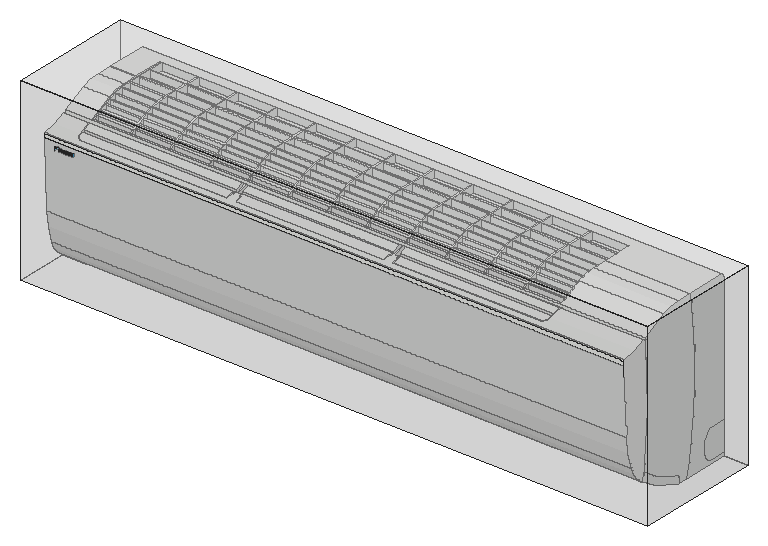
Revit family "outputfile", category 機械設備, Revit 2024
Family settings
  丸型コネクタ寸法 = 半径を使用
  パーツ タイプ = 標準
  OmniClass 番号 = 23.75.10.24.21.27.27
  OmniClass タイトル = Split System Air Conditioning Units
  作業面ベース = いいえ
  常に垂直 = はい
  ロード時にボイドで切り取り = いいえ
  注釈の向きを維持 = いいえ
  共有 = いいえ
  部屋計算ポイント = いいえ
Parameters (values of type "FTXM85PAVMA")
  Description = ""
  書き出し IFC クラス(タイプ) = "IfcUnitaryEquipmentType"
  定義済み IFC タイプ(タイプ) = "AIRCONDITIONINGUNIT"
  Cost = 0
  Type Comments = ""
  Keynote = ""
  Type Image = (empty or 0)
  Assembly Code = ""
  w_wall hole = if(Width = 770.0 mm, 48.0 mm, if(Width = 990.0 mm, 60.0 mm, 89.0 mm))  # 89.0 mm
  製造元 = "Daikin"
  モデル = "FTXM85PAVMA"
  switch_frequency = yes
  r_Liquid Pipe Size = Liquid Pipe Size / 2  # 3.2 mm
  r_Gas Pipe Size = Gas Pipe Size / 2  # 7.95 mm
  r_Drain Pipe Size = Drain Pipe Size / 2  # 8.0 mm
  lw_powersupply [instance] = if(Width = 770.0 mm, if(or(Rear Right Connection_refrigerant, Bottom Right Connection_refrigerant), 25.0 mm, if(or(Rear Left Connection_refrigerant, Bottom Left Connection_refrigerant), 745.0 mm, 400.0 mm)), if(Width = 990.0 mm, if(or(Rear Right Connection_refrigerant, Bottom Right Connection_refrigerant), 40.0 mm, if(or(Rear Left Connection_refrigerant, Bottom Left Connection_refrigerant), 920.0 mm, 400.0 mm)), if(Width = 1200.0 mm, if(or(Rear Right Connection_refrigerant, Bottom Right Connection_refrigerant), 89.0 mm - 19.0 mm, if(or(Rear Left Connection_refrigerant, Bottom Left Connection_refrigerant), 675.0 mm + (990.0 mm - 770.0 mm) + 145.0 mm + 22.0 mm + 89.0 mm, 400.0 mm)), if(or(Rear Right Connection_refrigerant, Bottom Right Connection_refrigerant), 89.0 mm - 19.0 mm, if(or(Rear Left Connection_refrigerant, Bottom Left Connection_refrigerant), 675.0 mm + (990.0 mm - 770.0 mm) + 145.0 mm + 22.0 mm + 89.0 mm, 400.0 mm)))))  # 400.0 mm
  lw_liquidpipe [instance] = if(Width = 770.0 mm, if(or(Rear Right Connection_refrigerant, Bottom Right Connection_refrigerant), 0.0 mm, if(or(Rear Left Connection_refrigerant, Bottom Left Connection_refrigerant), 664.0 mm, 385.0 mm)), if(Width = 990.0 mm, if(or(Rear Right Connection_refrigerant, Bottom Right Connection_refrigerant), 0.0 mm, if(or(Rear Left Connection_refrigerant, Bottom Left Connection_refrigerant), 664.0 mm + (990.0 mm - 770.0 mm), 475.0 mm)), if(Width = 1200.0 mm, if(or(Rear Right Connection_refrigerant, Bottom Right Connection_refrigerant), 0.0 mm, if(or(Rear Left Connection_refrigerant, Bottom Left Connection_refrigerant), 664.0 mm + (990.0 mm - 770.0 mm) + 145.0 mm, 460.0 mm)), if(or(Rear Right Connection_refrigerant, Bottom Right Connection_refrigerant), 0.0 mm, if(or(Rear Left Connection_refrigerant, Bottom Left Connection_refrigerant), 664.0 mm + (990.0 mm - 770.0 mm) + 145.0 mm, 460.0 mm)))))  # 460.0 mm
  lw_gaspipe [instance] = if(Width = 770.0 mm, if(or(Rear Right Connection_refrigerant, Bottom Right Connection_refrigerant), 0.0 mm, if(or(Rear Left Connection_refrigerant, Bottom Left Connection_refrigerant), 675.0 mm, if(Gas Pipe Size = 12.7 mm, 345.0 mm, 335.0 mm))), if(Width = 990.0 mm, if(or(Rear Right Connection_refrigerant, Bottom Right Connection_refrigerant), 10.0 mm, if(or(Rear Left Connection_refrigerant, Bottom Left Connection_refrigerant), 890.0 mm, if(Gas Pipe Size = 15.9 mm, 410.0 mm, 400.0 mm))), if(Width = 1200.0 mm, if(or(Rear Right Connection_refrigerant, Bottom Right Connection_refrigerant), 10.0 mm, if(or(Rear Left Connection_refrigerant, Bottom Left Connection_refrigerant), 675.0 mm + (990.0 mm - 770.0 mm) + 145.0 mm, 400.0 mm)), if(or(Rear Right Connection_refrigerant, Bottom Right Connection_refrigerant), 10.0 mm, if(or(Rear Left Connection_refrigerant, Bottom Left Connection_refrigerant), 675.0 mm + (990.0 mm - 770.0 mm) + 145.0 mm, 400.0 mm)))))  # 400.0 mm
  lw_drainpipe [instance] = if(Width = 770.0 mm, if(or(Rear Right Connection_refrigerant, Bottom Right Connection_refrigerant), 0.0 mm, if(or(Rear Left Connection_refrigerant, Bottom Left Connection_refrigerant), 770.0 mm - 48.0 mm - 48.0 mm, 440.0 mm)), if(Width = 990.0 mm, if(or(Rear Right Connection_refrigerant, Bottom Right Connection_refrigerant), 0.0 mm, if(or(Rear Left Connection_refrigerant, Bottom Left Connection_refrigerant), 675.0 mm + (990.0 mm - 770.0 mm), 435.0 mm)), if(Width = 1200.0 mm, if(or(Rear Right Connection_refrigerant, Bottom Right Connection_refrigerant), 0.0 mm, if(or(Rear Left Connection_refrigerant, Bottom Left Connection_refrigerant), 675.0 mm + (990.0 mm - 770.0 mm) + 145.0 mm, 465.0 mm)), if(or(Rear Right Connection_refrigerant, Bottom Right Connection_refrigerant), 0.0 mm, if(or(Rear Left Connection_refrigerant, Bottom Left Connection_refrigerant), 675.0 mm + (990.0 mm - 770.0 mm) + 145.0 mm, 465.0 mm)))))  # 465.0 mm
  l_powersupply_length [instance] = if(Width = 770.0 mm, if(Right Connection_refrigerant, 400.0 mm, if(Left Connection_refrigerant, 770.0 mm - 400.0 mm, if(or(Rear Left Connection_refrigerant, Rear Right Connection_refrigerant), 15.0 mm, 50.0 mm))), if(Width = 990.0 mm, if(Right Connection_refrigerant, 400.0 mm, if(Left Connection_refrigerant, 990.0 mm - 400.0 mm, if(or(Rear Left Connection_refrigerant, Rear Right Connection_refrigerant), 15.0 mm, 50.0 mm))), if(Width = 1200.0 mm, if(Right Connection_refrigerant, 400.0 mm, if(Left Connection_refrigerant, 1200.0 mm - 400.0 mm, if(or(Rear Left Connection_refrigerant, Rear Right Connection_refrigerant), 15.0 mm, 50.0 mm))), if(Right Connection_refrigerant, 400.0 mm, if(Left Connection_refrigerant, 1200.0 mm - 400.0 mm, if(or(Rear Left Connection_refrigerant, Rear Right Connection_refrigerant), 15.0 mm, 50.0 mm))))))  # 400.0 mm
  l_liquidpipe_length [instance] = if(Width = 770.0 mm, if(Right Connection_refrigerant, 433.0 mm, if(Left Connection_refrigerant, 337.0 mm, if(or(Rear Left Connection_refrigerant, Rear Right Connection_refrigerant), 30.0 mm, 40.0 mm))), if(Width = 990.0 mm, if(Right Connection_refrigerant, 535.0 mm, if(Left Connection_refrigerant, 455.0 mm, if(or(Rear Left Connection_refrigerant, Rear Right Connection_refrigerant), 30.0 mm, 40.0 mm))), if(Width = 1200.0 mm, if(Right Connection_refrigerant, 549.0 mm, if(Left Connection_refrigerant, 1200.0 mm - 549.0 mm, if(or(Rear Left Connection_refrigerant, Rear Right Connection_refrigerant), 30.0 mm, 40.0 mm))), if(Right Connection_refrigerant, 549.0 mm, if(Left Connection_refrigerant, 1200.0 mm - 549.0 mm, if(or(Rear Left Connection_refrigerant, Rear Right Connection_refrigerant), 30.0 mm, 40.0 mm))))))  # 549.0 mm
  l_gaspipe_length [instance] = if(Width = 770.0 mm, if(Right Connection_refrigerant, if(Gas Pipe Size = 12.7 mm, 393.0 mm, 383.0 mm), if(Left Connection_refrigerant, if(Gas Pipe Size = 12.7 mm, 770.0 mm - 393.0 mm, 770.0 mm - 383.0 mm), if(or(Rear Left Connection_refrigerant, Rear Right Connection_refrigerant), 40.0 mm, 50.0 mm))), if(Width = 990.0 mm, if(Right Connection_refrigerant, if(Gas Pipe Size = 15.9 mm, 470.0 mm, 460.0 mm), if(Left Connection_refrigerant, if(Gas Pipe Size = 15.9 mm, 990.0 mm - 470.0 mm, 990.0 mm - 460.0 mm), if(or(Rear Left Connection_refrigerant, Rear Right Connection_refrigerant), 40.0 mm, 50.0 mm))), if(Width = 1200.0 mm, if(Right Connection_refrigerant, 489.0 mm, if(Left Connection_refrigerant, 1200.0 mm - 489.0 mm, if(or(Rear Left Connection_refrigerant, Rear Right Connection_refrigerant), 40.0 mm, 50.0 mm))), if(Right Connection_refrigerant, 489.0 mm, if(Left Connection_refrigerant, 1200.0 mm - 489.0 mm, if(or(Rear Left Connection_refrigerant, Rear Right Connection_refrigerant), 40.0 mm, 50.0 mm))))))  # 489.0 mm
  l_drainpipe_length [instance] = if(Width = 770.0 mm, if(Right Connection_refrigerant, 488.0 mm, if(Left Connection_refrigerant, 282.0 mm, if(or(Rear Left Connection_refrigerant, Rear Right Connection_refrigerant), 15.0 mm, 20.0 mm))), if(Width = 990.0 mm, if(Right Connection_refrigerant, 495.0 mm, if(Left Connection_refrigerant, 495.0 mm, if(or(Rear Left Connection_refrigerant, Rear Right Connection_refrigerant), 15.0 mm, 20.0 mm))), if(Width = 1200.0 mm, if(Right Connection_refrigerant, 554.0 mm, if(Left Connection_refrigerant, 1200.0 mm - 554.0 mm, if(or(Rear Left Connection_refrigerant, Rear Right Connection_refrigerant), 15.0 mm, 20.0 mm))), if(Right Connection_refrigerant, 554.0 mm, if(Left Connection_refrigerant, 1200.0 mm - 554.0 mm, if(or(Rear Left Connection_refrigerant, Rear Right Connection_refrigerant), 15.0 mm, 20.0 mm))))))  # 554.0 mm
  h*** = 0.0 mm  # constant formula
  connector_voltage = Voltage_50Hz  # 230 V
  connector_powerinput = if([Power Input (Cooling)] > [Power Input (Heating)], [Power Input (Cooling)], [Power Input (Heating)])  # 2.520 kW
  connector_phase = Phase_50Hz  # 1
  angle_vertical [instance] = if(or(Bottom Left Connection_refrigerant, Bottom Right Connection_refrigerant), 0.00°, 90.00°)  # 90.00°
  angle_horizontal [instance] = if(Right Connection_refrigerant, 90.00°, if(Left Connection_refrigerant, -90.00°, if(or(Rear Left Connection_refrigerant, Rear Right Connection_refrigerant), 180.00°, 0.00°)))  # 90.00°
  Width = 1200.0 mm
  Voltage_comment_60Hz = "220-230"
  Voltage_comment_50Hz = "220 - 240"
  Voltage_60Hz = 220 V
  Voltage_50Hz = 230 V
  Version = "ver.1.0"
  Unit Type = "Wall Mounted"
  Unit Mass Weight = 17.00 kg
  Unit Designation [instance] = ""
  Uniclass2015Version = "Products v1.30"
  Uniclass2015Title = "Split coil room air conditioning units"
  Uniclass2015Code = "Pr_70_65_03_86"
  URL = ""
  Total Heating Capacity [instance] = 0.000 kW
  Total Cooling Capacity [instance] = 0.000 kW
  Sound Pressure Level_M speed (dBA) = 47
  Sound Pressure Level_L speed (dBA) = 41
  Sound Pressure Level_H speed (dBA) = 51
  Sound Power Level_H speed (dB) = 0
  Series = "Single Split_Fan Coil Unit"
  Sensible Cooling Capacity [instance] = 0.000 kW
  Refrigerant Type = "R32"
  Power Input (Heating) = 2.520 kW
  Power Input (Cooling) = 2.520 kW
  Phase_60Hz = 1
  Phase_50Hz = 1
  Option Accessory 3 [instance] = ""
  Option Accessory 2 [instance] = ""
  Option Accessory 1 [instance] = ""
  Nominal Heating Capacity = 8.500 kW
  Nominal Cooling Capacity = 8.500 kW
  Minimum Circuit Amps_60Hz = 0.0 A
  Minimum Circuit Amps_50Hz = 0.0 A
  Minimum Airflow = 936.00 m³/h
  Median Airflow = 1116.00 m³/h
  Maximum Fuse Amps_60Hz = 0.0 A
  Maximum Fuse Amps_50Hz = 0.0 A
  Maximum Airflow = 1296.00 m³/h
  Material_Casing = DAIKIN_White_Casing_indoorunit
  Load Classification = HVAC
  Liquid Pipe Size = 6.4 mm
  Link_Nested Family [instance] = ""
  IfcVersion = ""
  IfcExportType = "AIRCONDITIONINGUNIT"
  IfcExportAs = "IfcUnitaryEquipmentType"
  Height = 340.0 mm
  Heating Entering Wet Bulb Temperature [instance] = 0.00 °C
  Heating Entering Dry Bulb Temperature [instance] = 0.00 °C
  Heating Ambient Wet Bulb Temperature [instance] = 0.00 °C
  Heating Ambient Dry Bulb Temperature [instance] = 0.00 °C
  Heat Exchanger Type = "Cross Fin Coil"
  Gas Pipe Size = 15.9 mm
  Frequency_60Hz = 60 Hz
  Frequency_50Hz = 50 Hz
  Fan Type = "Cross Flow Fan"
  Fan Drive = "-"
  FCU Tag No. [instance] = ""
  Drain Pipe Size = 16.0 mm
  Design Supply Airflow [instance] = 0.00 m³/h
  Depth = 259.0 mm
  既定の高さ = 0.0 mm
  Cooling Entering Wet Bulb Temperature [instance] = 0.00 °C
  Cooling Entering Dry Bulb Temperature [instance] = 0.00 °C
  Cooling Ambient Wet Bulb Temperature [instance] = 0.00 °C
  Cooling Ambient Dry Bulb Temperature [instance] = 0.00 °C
  Clearance visibility [instance] = yes
  Clearance Top = 30.0 mm
  Clearance Right = 50.0 mm
  Clearance Rear = 0.0 mm
  Clearance Left = 50.0 mm
  Clearance Front = 0.0 mm
  Clearance Bottom = 0.0 mm
  Bottom Right Connection_refrigerant [instance] = no
  Bottom Left Connection_refrigerant [instance] = no
  Rear Right Connection_refrigerant [instance] = no
  Rear Left Connection_refrigerant [instance] = no
  Right Connection_refrigerant [instance] = yes
  Left Connection_refrigerant [instance] = no
Reference planes
  plane 1 "Back": y = 0
  plane 2: z = 0
  plane 3 "Center (Left/Right)": x = 0
  plane 4 "Center (Front/Back)": y = -129.5
  plane 5 "Front": y = -259
  plane 6 "Left": x = -600
  plane 7 "Right": x = 600
  plane 8 "Top": z = 0
  plane 9 "Bottom": z = -340
  plane 10: x = -650
  plane 11: x = 650
  plane 12: y = 0
  plane 13: y = -259
  plane 14: z = 30
  plane 15: z = -340
  plane 16 "lw_Piping and Wiring intake": x = 511
  plane 17 "lw_gaspipe": x = 111
  plane 18 "lw_liquidpipe": x = 51
  plane 19 "lw_drainpipe": x = 46
  plane 20 "lh_drainpipe": z = -320
  plane 21 "lh_liquidpipe": z = -300
  plane 22 "lh_gaspipe": z = -290
  plane 23 "ld_drainpipe": y = -15
  plane 24 "ld_liquidpipe": y = -30
  plane 25 "ld_gaspipe": y = -40
  plane 26 "lw_powersupply": x = 200
Dimensions and locks
  equal spacing: plane 6 "Left", plane 3 "Center (Left/Right)", plane 7 "Right"
  "Width": plane 6 "Left" to plane 7 "Right"
  equal spacing: plane 5 "Front", plane 4 "Center (Front/Back)", plane 1 "Back"
  "Depth": plane 5 "Front" to plane 1 "Back"
  "Height": plane 8 "Top" to plane 9 "Bottom"
  "Clearance Rear": plane 12 to plane 1 "Back"
  "Clearance Front": plane 13 to plane 5 "Front"
  "Clearance Top": plane 14 to plane 8 "Top"
  "Clearance Bottom": plane 9 "Bottom" to plane 15
  "w_wall hole": plane 16 "lw_Piping and Wiring intake" to plane 7 "Right"
  "lw_gaspipe": plane 17 "lw_gaspipe" to plane 16 "lw_Piping and Wiring intake"
  "lw_liquidpipe": plane 18 "lw_liquidpipe" to plane 16 "lw_Piping and Wiring intake"
  "lw_drainpipe": plane 19 "lw_drainpipe" to plane 16 "lw_Piping and Wiring intake"
  locked: plane 20 "lh_drainpipe" to plane 9 "Bottom" at 20
  locked: plane 21 "lh_liquidpipe" to plane 9 "Bottom" at 40
  locked: plane 22 "lh_gaspipe" to plane 9 "Bottom" at 50
  locked: plane 23 "ld_drainpipe" to plane 1 "Back" at 15
  locked: plane 1 "Back" to plane 24 "ld_liquidpipe" at 30
  locked: plane 1 "Back" to plane 25 "ld_gaspipe" at 40
  "lw_powersupply": plane 26 "lw_powersupply" to plane 7 "Right"
  "Clearance Right": plane 7 "Right" to plane 11
  "Clearance Left": plane 10 to plane 6 "Left"
  aligned and locked: level to plane 2
  aligned and locked: plane 12 to nested 1
  aligned and locked: nested 1 to plane 13
  aligned and locked: plane 10 to nested 1
  aligned and locked: plane 11 to nested 1
  aligned and locked: plane 15 to nested 1
  aligned and locked: plane 14 to nested 1
  aligned and locked: plane 17 "lw_gaspipe" to nested 2
  aligned and locked: nested 2 to plane 25 "ld_gaspipe"
  aligned and locked: plane 18 "lw_liquidpipe" to nested 3
  aligned and locked: nested 3 to plane 24 "ld_liquidpipe"
  aligned and locked: plane 19 "lw_drainpipe" to nested 4
  aligned and locked: nested 4 to plane 23 "ld_drainpipe"
  aligned and locked: nested 5 to plane 23 "ld_drainpipe"
  aligned and locked: plane 26 "lw_powersupply" to nested 5
  aligned and locked: level to plane 8 "Top"
  aligned and locked: plane 3 "Center (Left/Right)" to nested 6
  aligned and locked: plane 1 "Back" to nested 6
  aligned and locked: plane 8 "Top" to nested 6
Nested families
  nested 1: "daikin_clearancespace" at (0, -129.5, -154.881), show <- "Clearance visibility", visible <- "Clearance visibility", Link_Nested Family <- "Link_Nested Family", type "daikin_clearancespace"
    with width 1300.0 mm, show yes, height 370.0 mm, depth 259.0 mm, Link_Nested Family ""
  nested 2: "daikin_connector_rotate3" at (111, -40, -290), angle_vertical <- "angle_vertical", angle_horizontal <- "angle_horizontal", length <- "l_gaspipe_length", radius <- "r_Gas Pipe Size", type "daikin_connector_rotate3"
    with show no, radius 7.95 mm, length 489.0 mm, angle_vertical 90.00°, angle_horizontal 90.00°
  nested 3: "daikin_connector_rotate3" at (51, -30, -300), angle_vertical <- "angle_vertical", angle_horizontal <- "angle_horizontal", radius <- "r_Liquid Pipe Size", length <- "l_liquidpipe_length", type "daikin_connector_rotate3"
    with show no, radius 3.2 mm, length 549.0 mm, angle_vertical 90.00°, angle_horizontal 90.00°
  nested 4: "daikin_connector_rotate3" at (46, -15, -320), angle_vertical <- "angle_vertical", angle_horizontal <- "angle_horizontal", length <- "l_drainpipe_length", radius <- "r_Drain Pipe Size", type "daikin_connector_rotate3"
    with show no, radius 8.0 mm, length 554.0 mm, angle_vertical 90.00°, angle_horizontal 90.00°
  nested 5: "daikin_connector_rotate3" at (200, -15, -290), angle_vertical <- "angle_vertical", angle_horizontal <- "angle_horizontal", length <- "l_powersupply_length", type "daikin_connector_rotate3"
    with show no, radius 10.0 mm, length 400.0 mm, angle_vertical 90.00°, angle_horizontal 90.00°
  nested 6: "DAIKIN_indoorunit_FTXM-PAVMA" at (-31, 0, 0), type "FTXM-PAVMA"
    with switch_unit1_85-95 yes, switch_unit1_20-46 no, Width 1200.0 mm, WALL HOLE_L 65.0 mm, WALL HOLE_H 45.0 mm, WALL HOLE-R 89.0 mm, WALL HOLE Size 80.0 mm, Height 340.0 mm
Connectors
  piping at (600, -40, -290), diameter 15.9, driven by "r_Gas Pipe Size"
    settings: on nested 2, index 1, connector inside diameter 609.6 mm, connector length 0.0 mm, flow factor 0, pipe flow 0.00 m³/h, pressure drop 0.0 Pa, fitting loss kfactor 0, connector angle 0.00°, fixture units 0, engagement length 0.0 mm, angle of deflection 0.00°, flow configuration 1, flow direction 2, fitting loss method 0, system type 29, joint type 0, gender type 0, connector reference index -1, connector utility 0, adjustable connector no, is connector primary yes, connector description "Refrigerant Gas Piping"
  piping at (600, -30, -300), diameter 6.4, driven by "r_Liquid Pipe Size"
    settings: on nested 3, index 2, connector inside diameter 609.6 mm, connector length 0.0 mm, flow factor 0, pipe flow 0.00 m³/h, pressure drop 0.0 Pa, fitting loss kfactor 0, connector angle 0.00°, fixture units 0, engagement length 0.0 mm, angle of deflection 0.00°, flow configuration 1, flow direction 1, fitting loss method 0, system type 29, joint type 0, gender type 0, connector reference index -1, connector utility 0, adjustable connector no, is connector primary no, connector description "Refrigerant Liquid Piping"
  piping at (600, -15, -320), diameter 16, driven by "r_Drain Pipe Size"
    settings: on nested 4, index 3, connector inside diameter 609.6 mm, connector length 0.0 mm, flow factor 0, pipe flow 0.00 m³/h, pressure drop 0.0 Pa, fitting loss kfactor 0, connector angle 0.00°, fixture units 0, engagement length 0.0 mm, angle of deflection 0.00°, flow configuration 1, flow direction 2, fitting loss method 4, system type 16, joint type 0, gender type 0, connector reference index -1, connector utility 0, adjustable connector no, is connector primary no, connector description "Condensate Drain Piping"
  electrical at (600, -15, -290), driven by "Load Classification", driven by "connector_voltage", driven by "connector_phase", driven by "connector_powerinput"
    settings: on nested 5, index 4, voltage 230 V, apparent load 2520 VA, apparent load phase1 0 VA, apparent load phase2 0 VA, apparent load phase3 0 VA, power factor 1, load classification "HVAC", number of poles 1, system type 30, power factor state 1, is connector primary yes, connector utility no, sub classification motor no, connector description "Power Supply"
Definition of nested family "daikin_clearancespace"
  Parameters (values of type "daikin_clearancespace")
    Description = "daikin_clearancespace"
    width [instance] = 1823.963 mm
    show [instance] = yes
    material = none
    height [instance] = 1359.762 mm
    depth [instance] = 880.0 mm
    Default Elevation = 0.0 mm
    Link_Nested Family [instance] = ""
  Reference planes
    plane 1 "Center (Front/Back)": y = 0
    plane 2 "Center (Elevation)": z = -0.119
    plane 3 "Center (Left/Right)": x = 0
    plane 4: y = 440
    plane 5: y = -440
    plane 6 "Right": x = 911.982
    plane 7 "Left": x = -911.982
    plane 8 "Top": z = 679.762
    plane 9 "Bottom": z = -680
  Forms (mm)
    Extrusion 1, solid, material <- "material", visible <- "show"
      sketch origin (0, 0, 0) x (1, 0, 0) y (0, 1, 0)
        loop
          line (-911.982, 440) -> (-911.982, -440) -> (911.982, -440) -> (911.982, 440) -> (-911.982, 440)
      from -680 to 679.762
  Lines and regions (mm)
    symbolic lines, visible <- "show"
      curve 1: line (911.982, 440, 0) -> (-911.982, 440, 0)
      curve 2: line (-911.982, 440, 0) -> (-911.982, -440, 0)
      curve 3: line (-911.982, -440, 0) -> (911.982, -440, 0)
      curve 4: line (911.982, -440, 0) -> (911.982, 440, 0)
      curve 5: line (911.982, 0, 679.762) -> (-911.982, 0, 679.762)
      curve 6: line (911.982, 0, -680) -> (911.982, 0, 679.762)
      curve 7: line (-911.982, 0, -680) -> (911.982, 0, -680)
      curve 8: line (-911.982, 0, 679.762) -> (-911.982, 0, -680)
      curve 9: line (0, 440, 679.762) -> (0, -440, 679.762)
      curve 10: line (0, -440, 679.762) -> (0, -440, -680)
      curve 11: line (0, 440, -680) -> (0, 440, 679.762)
      curve 12: line (0, -440, -680) -> (0, 440, -680)
  Dimensions and locks
    "width": plane 7 "Left" to plane 6 "Right"
    "depth": plane 4 to plane 5
    "height": plane 8 "Top" to plane 9 "Bottom"
    equal spacing: plane 7 "Left", plane 3 "Center (Left/Right)", plane 6 "Right"
    equal spacing: plane 4, plane 1 "Center (Front/Back)", plane 5
    equal spacing: plane 8 "Top", plane 2 "Center (Elevation)", plane 9 "Bottom"
    aligned and locked: level to plane 2 "Center (Elevation)"
    aligned and locked: Extrusion 1 sketch curve to plane 4
    aligned and locked: plane 7 "Left" to Extrusion 1 sketch curve
    aligned and locked: Extrusion 1 sketch curve to plane 5
    aligned and locked: Extrusion 1 sketch curve to plane 6 "Right"
    aligned and locked: plane 8 "Top" to Extrusion 1
    aligned and locked: curve 1 to Extrusion 1
    aligned and locked: curve 2 to Extrusion 1
    aligned and locked: curve 3 to Extrusion 1
    aligned and locked: curve 4 to Extrusion 1
    aligned and locked: curve 5 to Extrusion 1
    aligned and locked: curve 6 to Extrusion 1
    aligned and locked: curve 7 to Extrusion 1
    aligned and locked: curve 8 to Extrusion 1
    aligned and locked: curve 9 to Extrusion 1
    aligned and locked: curve 10 to Extrusion 1
    aligned and locked: curve 11 to Extrusion 1
    aligned and locked: curve 12 to Extrusion 1
    aligned and locked: Extrusion 1 to plane 9 "Bottom"
Definition of nested family "DAIKIN_indoorunit_FTXM-PAVMA"
  Parameters (values of type "CTXM-RVMA")
    switch_unit1_85-95 = Width = 1200.0 mm  # no
    switch_unit1_50-71 = Width = 990.0 mm  # no
    switch_unit1_20-46 = Width = 770.0 mm  # yes
    Width = 770.0 mm
    WALL HOLE_L = if(Width = 1200.0 mm, 65.0 mm, 48.0 mm)  # 48.0 mm
    WALL HOLE_H = if(Width = 1200.0 mm, 45.0 mm, 44.5 mm)  # 44.5 mm
    WALL HOLE-R = if(Width = 770.0 mm, 48.0 mm, if(Width = 990.0 mm, 60.0 mm, 89.0 mm))  # 48.0 mm
    WALL HOLE Size = if(Width = 770.0 mm, 65.0 mm, 80.0 mm)  # 65.0 mm
    Material_Casing = none
    Height = if(Width = 770.0 mm, 285.0 mm, if(Width = 990.0 mm, 295.0 mm, 340.0 mm))  # 285.0 mm
    Default Elevation = 0.0 mm
  Reference planes
    plane 1 "Center (Front/Back)": y = 0
    plane 2 "reference_level": z = 0
    plane 3 "Center (Left/Right)": x = 31
    plane 4: x = -354
    plane 5: x = 416
    plane 6: z = -285
  Forms (mm)
    Extrusion 1, solid, material <- "Material_Casing", visible <- "switch_unit1_20-46"
      sketch origin (29, 0, 0) x (0, 1, 0) y (0, 0, 1)
        loop
          line (-5, 0) -> (-98, 0)
          arc (-98, 0) -> (-157.611, -7.211) -> (-213.783, -28.427) r 250
          arc (-213.783, -28.427) -> (-213.842, -32.972) -> (-213.892, -37.516) r 2191
          arc (-213.892, -37.516) -> (-157.832, -15.495) -> (-98.07, -8) r 242
          line (-98.07, -8) -> (0, -8) -> (-5, 0)
      from -383 to 387
    Extrusion 2, solid, material <- "Material_Casing", visible <- "switch_unit1_20-46"
      sketch origin (416, 1296.25, 1200) x (0, 1, 0) y (0, 0, 1)
        loop
          line (-1472.998, -1446.91) -> (-1476.998, -1453.839)
          arc (-1476.998, -1453.839) -> (-1437.481, -1472.422) -> (-1395.25, -1483.538) r 240
          line (-1395.25, -1483.538) -> (-1395.25, -1475.422)
          arc (-1395.25, -1475.422) -> (-1435.407, -1464.663) -> (-1472.998, -1446.91) r 232
      from 0 to -47.5
    Extrusion 3, solid, material <- "Material_Casing", visible <- "switch_unit1_20-46"
      sketch origin (29, 0, 0) x (0, 1, 0) y (0, 0, 1)
        loop
          arc (-223, -60.455) -> (-222.414, -110.646) -> (-220.656, -160.81) r 2149.92
          arc (-220.656, -160.81) -> (-219.65, -174.299) -> (-217.853, -187.706) r 229.911
          arc (-217.853, -187.706) -> (-205.371, -223.594) -> (-181.517, -253.17) r 111
          line (-181.517, -253.17) -> (-177.429, -246.093)
          arc (-177.429, -246.093) -> (-198.77, -218.989) -> (-209.965, -186.36) r 103
          arc (-209.965, -186.36) -> (-211.681, -173.586) -> (-212.651, -160.735) r 221.844
          arc (-212.651, -160.735) -> (-214.739, -93.233) -> (-214.74, -25.699) r 2186.828
          arc (-214.74, -25.699) -> (-214.671, -21.467) -> (-214.594, -17.235) r 2192
          line (-214.594, -17.235) -> (-223, -19.961) -> (-223, -60.455)
      from -383 to 387
    Extrusion 4, solid, material <- "Material_Casing", visible <- "switch_unit1_20-46"
      sketch origin (29, 0, 0) x (0, 1, 0) y (0, 0, 1)
        loop
          line (-181.517, -253.17) -> (-179.597, -249.846)
          arc (-179.597, -249.846) -> (-202.009, -221.399) -> (-213.189, -186.952) r 103
          line (-213.189, -186.952) -> (-217.853, -187.706)
          arc (-217.853, -187.706) -> (-217.533, -189.556) -> (-217.182, -191.4) r 111
          arc (-217.182, -191.4) -> (-213.806, -208.181) -> (-210.362, -224.948) r 4257.809
          arc (-210.362, -224.948) -> (-198.886, -237.857) -> (-186.225, -249.607) r 180
          line (-186.225, -249.607) -> (-181.517, -253.17)
      from -383 to 387
    Extrusion 5, solid, material <- "Material_Casing", visible <- "switch_unit1_20-46"
      sketch origin (29, 0, -20) x (0, 1, 0) y (0, 0, 1)
        loop
          line (0, -265) -> (0, 12) -> (-98.07, 12)
          arc (-98.07, 12) -> (-157.832, 4.505) -> (-213.892, -17.516) r 242
          arc (-213.892, -17.516) -> (-213.638, -79.114) -> (-211.653, -140.681) r 2191
          arc (-211.653, -140.681) -> (-210.685, -153.501) -> (-208.973, -166.243) r 221
          arc (-208.973, -166.243) -> (-197.471, -199.282) -> (-175.482, -226.491) r 102
          arc (-175.482, -226.491) -> (-138.004, -244.019) -> (-98, -254.579) r 231
          line (-98, -254.579) -> (-98, -265) -> (0, -265)
      from -383 to 387
    Extrusion 6, solid, material <- "Material_Casing", visible <- "switch_unit1_20-46"
      sketch origin (-354, 1296.25, 1200) x (0, 1, 0) y (0, 0, 1)
        loop
          line (-1472.998, -1446.91) -> (-1476.998, -1453.839)
          arc (-1476.998, -1453.839) -> (-1437.481, -1472.422) -> (-1395.25, -1483.538) r 240
          line (-1395.25, -1483.538) -> (-1395.25, -1475.422)
          arc (-1395.25, -1475.422) -> (-1435.407, -1464.663) -> (-1472.998, -1446.91) r 232
      from 47 to 0
    Extrusion 7, solid, material <- "Material_Casing", visible <- "switch_unit1_20-46"
      sketch origin (416, 1296.25, 1200) x (0, 1, 0) y (0, 0, 1)
        loop
          line (-1472.998, -1446.91) -> (-1476.998, -1453.839)
          arc (-1476.998, -1453.839) -> (-1443.437, -1470.168) -> (-1407.75, -1481.097) r 240
          line (-1407.75, -1481.097) -> (-1407.75, -1472.894)
          arc (-1407.75, -1472.894) -> (-1441.363, -1462.385) -> (-1472.998, -1446.91) r 232
      from -116.993 to -48.493
    Extrusion 8, solid, material <- "Material_Casing", visible <- "switch_unit1_20-46"
      sketch origin (416, 1296.25, 1200) x (0, 1, 0) y (0, 0, 1)
        loop
          line (-1472.998, -1446.91) -> (-1476.998, -1453.839)
          arc (-1476.998, -1453.839) -> (-1443.437, -1470.168) -> (-1407.75, -1481.097) r 240
          line (-1407.75, -1481.097) -> (-1407.75, -1472.894)
          arc (-1407.75, -1472.894) -> (-1441.363, -1462.385) -> (-1472.998, -1446.91) r 232
      from -717 to -121.993
    Extrusion 9, void
      sketch origin (31, 0, -235) x (1, 0, 0) y (0, 1, 0)
        loop
          line (-252.674, -22.316) -> (-354.941, -22.316) -> (-354.941, -91.341) -> (-252.674, -91.341) -> (-252.674, -22.316)
        loop
          line (-249.341, -91.341) -> (-151.574, -91.341) -> (-151.574, -22.316) -> (-249.341, -22.316) -> (-249.341, -91.341)
        loop
          line (58.309, -22.316) -> (-148.309, -22.316) -> (-148.309, -91.341) -> (58.309, -91.341) -> (58.309, -22.316)
        loop
          line (61.689, -22.316) -> (61.689, -91.341) -> (159.457, -91.341) -> (159.457, -22.316) -> (61.689, -22.316)
        loop
          line (162.789, -22.316) -> (162.789, -91.341) -> (265.057, -91.341) -> (265.057, -22.316) -> (162.789, -22.316)
        loop
          line (-354.941, -94.659) -> (-354.941, -165.259) -> (-252.674, -165.259) -> (-252.674, -94.659) -> (-354.941, -94.659)
        loop
          line (-249.341, -94.659) -> (-249.341, -165.259) -> (-151.574, -165.259) -> (-151.574, -94.659) -> (-249.341, -94.659)
        loop
          line (-148.309, -94.659) -> (-148.309, -165.259) -> (58.309, -165.259) -> (58.309, -94.659) -> (-148.309, -94.659)
        loop
          line (61.689, -94.659) -> (61.689, -165.259) -> (159.457, -165.259) -> (159.457, -94.659) -> (61.689, -94.659)
        loop
          line (162.789, -94.659) -> (162.789, -165.259) -> (265.057, -165.259) -> (265.057, -94.659) -> (162.789, -94.659)
        loop
          line (-354.941, -167.382) -> (-354.941, -192.681) -> (-252.674, -192.681) -> (-252.674, -167.382) -> (-354.941, -167.382)
        loop
          line (-249.341, -167.382) -> (-249.341, -192.681) -> (-151.574, -192.681) -> (-151.574, -167.382) -> (-249.341, -167.382)
        loop
          line (-148.309, -167.382) -> (-148.309, -192.681) -> (58.309, -192.681) -> (58.309, -167.382) -> (-148.309, -167.382)
        loop
          line (159.457, -167.382) -> (61.689, -167.382) -> (61.689, -192.681) -> (159.457, -192.681) -> (159.457, -167.382)
        loop
          line (265.057, -167.382) -> (162.789, -167.382) -> (162.789, -192.681) -> (265.057, -192.681) -> (265.057, -167.382)
      from 201.638 to 250
    Extrusion 10, void
      sketch origin (31, 0, 0) x (1, 0, 0) y (0, 0, 1)
        loop
          arc (597, -174.907) -> (0.056, -245.263) -> (-597, -175.856) r 2585.042
          line (-597, -175.856) -> (-597, -352.872) -> (597, -352.872) -> (597, -174.907)
      from 173 to 315.3
    Extrusion 11, solid, material <- "Material_Casing"
      sketch origin (31, 0, 0) x (1, 0, 0) y (0, 0, 1)
        loop
          circle (337, -240.5) r 32.5
        loop
          circle (-337, -240.5) r 32.5
      from 0 to 5
    Extrusion 12, solid, material <- "Material_Casing", visible <- "switch_unit1_20-46"
      sketch origin (416, 1296.25, 1200) x (0, -1, 0) y (0, 0, 1)
        loop
          line (1326.25, -1417) -> (1296.25, -1417) -> (1296.25, -1477) -> (1326.25, -1477)
          arc (1326.25, -1477) -> (1340.393, -1471.142) -> (1346.25, -1457) r 20
          line (1346.25, -1457) -> (1346.25, -1437)
          arc (1346.25, -1437) -> (1340.393, -1422.858) -> (1326.25, -1417) r 20
      from 0 to 5
    Extrusion 13, solid, material <- "Material_Casing", visible <- "switch_unit1_20-46"
      sketch origin (-354, 1296.25, 1200) x (0, 1, 0) y (0, 0, 1)
        loop
          line (-1296.25, -1417) -> (-1326.25, -1417)
          arc (-1326.25, -1417) -> (-1340.393, -1422.858) -> (-1346.25, -1437) r 20
          line (-1346.25, -1437) -> (-1346.25, -1457)
          arc (-1346.25, -1457) -> (-1340.393, -1471.142) -> (-1326.25, -1477) r 20
          line (-1326.25, -1477) -> (-1296.25, -1477) -> (-1296.25, -1417)
      from 0 to 5
    Extrusion 14, solid, material <- "Material_Casing", visible <- "switch_unit1_20-46"
      sketch origin (31, 0, -285) x (-1, 0, 0) y (0, -1, 0)
        loop
          line (-314, 0) -> (-314, 30)
          arc (-314, 30) -> (-319.858, 44.142) -> (-334, 50) r 20
          line (-334, 50) -> (-354, 50)
          arc (-354, 50) -> (-368.142, 44.142) -> (-374, 30) r 20
          line (-374, 30) -> (-374, 0) -> (-314, 0)
        loop
          line (374, 0) -> (374, 30)
          arc (374, 30) -> (368.142, 44.142) -> (354, 50) r 20
          line (354, 50) -> (334, 50)
          arc (334, 50) -> (319.858, 44.142) -> (314, 30) r 20
          line (314, 30) -> (314, 0) -> (374, 0)
      from 0 to 5
    Extrusion 15, solid, material <- "Material_Casing", visible <- "switch_unit1_50-71"
      sketch origin (31, 0, 0) x (0, 1, 0) y (0, 0, 1)
        loop
          line (-5, 0) -> (-138, 0)
          arc (-138, 0) -> (-197.611, -7.211) -> (-253.783, -28.427) r 250
          arc (-253.783, -28.427) -> (-253.838, -32.687) -> (-253.886, -36.946) r 2191
          arc (-253.886, -36.946) -> (-197.73, -15.346) -> (-138.014, -8) r 246.393
          line (-138.014, -8) -> (0, -8) -> (-5, 0)
      from -495 to 495
    Extrusion 16, solid, material <- "Material_Casing", visible <- "switch_unit1_50-71"
      sketch origin (418, 1296.25, 1200) x (0, 1, 0) y (0, 0, 1)
        loop
          arc (-1515.208, -1454.149) -> (-1506.856, -1460.599) -> (-1497.925, -1466.219) r 110
          arc (-1497.925, -1466.219) -> (-1445.718, -1487.493) -> (-1389.844, -1494.995) r 223
          line (-1389.844, -1494.995) -> (-1389.844, -1486.086) -> (-1404.386, -1486.086)
          arc (-1404.386, -1486.086) -> (-1449.542, -1477.46) -> (-1491.818, -1459.402) r 214.289
          arc (-1491.818, -1459.402) -> (-1501.056, -1453.541) -> (-1509.606, -1446.715) r 101
          line (-1509.606, -1446.715) -> (-1515.208, -1454.149)
      from 108 to 57.5
    Extrusion 17, solid, material <- "Material_Casing", visible <- "switch_unit1_50-71"
      sketch origin (31, 0, 0) x (0, 1, 0) y (0, 0, 1)
        loop
          line (-263, -19.962) -> (-263, -61.6)
          arc (-263, -61.6) -> (-262.414, -110.219) -> (-260.656, -158.81) r 2017.341
          arc (-260.656, -158.81) -> (-255.648, -191.935) -> (-244.041, -223.362) r 164.725
          arc (-244.041, -223.362) -> (-233.569, -239.793) -> (-219.717, -253.495) r 87.379
          line (-219.717, -253.495) -> (-214.706, -246.846)
          arc (-214.706, -246.846) -> (-229.564, -230.029) -> (-240.385, -210.371) r 102
          arc (-240.385, -210.371) -> (-249.049, -182.962) -> (-252.848, -154.467) r 165.789
          arc (-252.848, -154.467) -> (-254.771, -90.102) -> (-254.74, -25.708) r 2122.533
          arc (-254.74, -25.708) -> (-254.671, -21.469) -> (-254.594, -17.23) r 2192
          line (-254.594, -17.23) -> (-263, -19.962)
      from -495 to 495
    Extrusion 18, void
      sketch origin (33, 0, 0) x (1, 0, 0) y (0, 1, 0)
        loop
          line (-466.909, -22.316) -> (-466.909, -111.341) -> (-366.303, -111.341) -> (-366.303, -22.316) -> (-466.909, -22.316)
        loop
          line (-362.71, -22.316) -> (-362.71, -111.341) -> (-262.103, -111.341) -> (-262.103, -22.316) -> (-362.71, -22.316)
        loop
          line (-258.51, -22.316) -> (-258.51, -111.341) -> (-157.904, -111.341) -> (-157.904, -22.316) -> (-258.51, -22.316)
        loop
          line (-154.31, -22.316) -> (-154.31, -111.341) -> (-53.704, -111.341) -> (-53.704, -22.316) -> (-154.31, -22.316)
        loop
          line (-50.11, -22.316) -> (-50.11, -111.341) -> (50.496, -111.341) -> (50.496, -22.316) -> (-50.11, -22.316)
        loop
          line (54.089, -22.316) -> (54.089, -111.341) -> (154.696, -111.341) -> (154.696, -22.316) -> (54.089, -22.316)
        loop
          line (158.289, -22.316) -> (158.289, -111.341) -> (258.895, -111.341) -> (258.895, -22.316) -> (158.289, -22.316)
        loop
          line (262.489, -22.316) -> (262.489, -111.341) -> (363.095, -111.341) -> (363.095, -22.316) -> (262.489, -22.316)
        loop
          line (-466.909, -114.459) -> (-466.909, -185.059) -> (-366.303, -185.059) -> (-366.303, -114.459) -> (-466.909, -114.459)
        loop
          line (-362.71, -114.459) -> (-362.71, -185.059) -> (-262.103, -185.059) -> (-262.103, -114.459) -> (-362.71, -114.459)
        loop
          line (-258.51, -114.459) -> (-258.51, -185.059) -> (-157.904, -185.059) -> (-157.904, -114.459) -> (-258.51, -114.459)
        loop
          line (-154.31, -114.459) -> (-154.31, -185.059) -> (-53.704, -185.059) -> (-53.704, -114.459) -> (-154.31, -114.459)
        loop
          line (-50.11, -114.459) -> (-50.11, -185.059) -> (50.496, -185.059) -> (50.496, -114.459) -> (-50.11, -114.459)
        loop
          line (54.089, -114.459) -> (54.089, -185.059) -> (154.696, -185.059) -> (154.696, -114.459) -> (54.089, -114.459)
        loop
          line (158.289, -114.459) -> (158.289, -185.059) -> (258.895, -185.059) -> (258.895, -114.459) -> (158.289, -114.459)
        loop
          line (262.489, -114.459) -> (262.489, -185.059) -> (363.095, -185.059) -> (363.095, -114.459) -> (262.489, -114.459)
        loop
          line (-466.909, -187.382) -> (-466.909, -232.681) -> (-366.303, -232.681) -> (-366.303, -187.382) -> (-466.909, -187.382)
        loop
          line (-362.71, -187.382) -> (-362.71, -232.681) -> (-262.103, -232.681) -> (-262.103, -187.382) -> (-362.71, -187.382)
        loop
          line (-258.51, -187.382) -> (-258.51, -232.681) -> (-157.904, -232.681) -> (-157.904, -187.382) -> (-258.51, -187.382)
        loop
          line (-154.31, -187.382) -> (-154.31, -232.681) -> (-53.704, -232.681) -> (-53.704, -187.382) -> (-154.31, -187.382)
        loop
          line (-50.11, -187.382) -> (-50.11, -232.681) -> (50.496, -232.681) -> (50.496, -187.382) -> (-50.11, -187.382)
        loop
          line (54.089, -187.382) -> (54.089, -232.681) -> (154.696, -232.681) -> (154.696, -187.382) -> (54.089, -187.382)
        loop
          line (158.289, -187.382) -> (158.289, -232.681) -> (258.895, -232.681) -> (258.895, -187.382) -> (158.289, -187.382)
        loop
          line (262.489, -187.382) -> (262.489, -232.681) -> (363.095, -232.681) -> (363.095, -187.382) -> (262.489, -187.382)
      from -40.013 to 47.268
    Extrusion 19, void
      sketch origin (33, 0, 2300) x (1, 0, 0) y (0, 0, 1)
        loop
          line (705, -2672.872) -> (705, -2462.4)
          arc (705, -2462.4) -> (-2.043, -2534.819) -> (-709, -2461.567) r 3467.757
          line (-709, -2461.567) -> (-709, -2672.872) -> (705, -2672.872)
      from 173 to 315.3
    Extrusion 20, solid, material <- "Material_Casing", visible <- "switch_unit1_50-71"
      sketch origin (-356, 1296.25, 1200) x (0, 1, 0) y (0, 0, -1)
        loop
          line (-1515.208, 1454.149) -> (-1509.606, 1446.715)
          arc (-1509.606, 1446.715) -> (-1501.056, 1453.541) -> (-1491.818, 1459.402) r 101
          arc (-1491.818, 1459.402) -> (-1449.542, 1477.46) -> (-1404.386, 1486.086) r 214.289
          line (-1404.386, 1486.086) -> (-1389.844, 1486.086) -> (-1389.844, 1494.995)
          arc (-1389.844, 1494.995) -> (-1445.718, 1487.493) -> (-1497.925, 1466.219) r 223
          arc (-1497.925, 1466.219) -> (-1506.856, 1460.599) -> (-1515.208, 1454.149) r 110
      from 108 to 61
    Extrusion 21, solid, material <- "Material_Casing", visible <- "switch_unit1_50-71"
      sketch origin (418, 1296.25, 1200) x (0, 1, 0) y (0, 0, 1)
        loop
          arc (-1515.208, -1454.149) -> (-1506.856, -1460.599) -> (-1497.925, -1466.219) r 110
          arc (-1497.925, -1466.219) -> (-1463.185, -1482.066) -> (-1426.25, -1491.755) r 223
          line (-1426.25, -1491.755) -> (-1426.25, -1483.166)
          arc (-1426.25, -1483.166) -> (-1460.008, -1473.969) -> (-1491.818, -1459.402) r 214.289
          arc (-1491.818, -1459.402) -> (-1501.056, -1453.541) -> (-1509.606, -1446.715) r 101
          line (-1509.606, -1446.715) -> (-1515.208, -1454.149)
      from 56.5 to -36.993
    Extrusion 22, solid, material <- "Material_Casing", visible <- "switch_unit1_50-71"
      sketch origin (418, 1296.25, 1200) x (0, 1, 0) y (0, 0, 1)
        loop
          arc (-1426.25, -1483.166) -> (-1443.442, -1479.224) -> (-1460.25, -1473.881) r 214.289
          line (-1460.25, -1473.881) -> (-1460.25, -1483.089)
          arc (-1460.25, -1483.089) -> (-1443.421, -1488.091) -> (-1426.25, -1491.755) r 223
          line (-1426.25, -1491.755) -> (-1426.25, -1483.166)
      from -43.493 to -828.893
    Extrusion 23, solid, material <- "Material_Casing", visible <- "switch_unit1_50-71"
      sketch origin (418, 1296.25, 1200) x (0, 1, 0) y (0, 0, 1)
        loop
          arc (-1515.208, -1454.149) -> (-1506.856, -1460.599) -> (-1497.925, -1466.219) r 110
          arc (-1497.925, -1466.219) -> (-1479.479, -1475.527) -> (-1460.25, -1483.089) r 223
          line (-1460.25, -1483.089) -> (-1460.25, -1473.881)
          arc (-1460.25, -1473.881) -> (-1476.328, -1467.282) -> (-1491.818, -1459.402) r 214.289
          arc (-1491.818, -1459.402) -> (-1501.056, -1453.541) -> (-1509.606, -1446.715) r 101
          line (-1509.606, -1446.715) -> (-1515.208, -1454.149)
      from -43.493 to -828.893
    Extrusion 24, solid, material <- "Material_Casing", visible <- "switch_unit1_50-71"
      sketch origin (31, 0, 0) x (0, 1, 0) y (0, 0, 1)
        loop
          arc (-217.78, -250.924) -> (-234.088, -233.307) -> (-245.826, -212.366) r 102
          arc (-245.826, -212.366) -> (-251.608, -196.062) -> (-255.659, -179.245) r 165.789
          line (-255.659, -179.245) -> (-258.299, -179.737)
          arc (-258.299, -179.737) -> (-257.524, -183.799) -> (-256.646, -187.84) r 164.725
          arc (-256.646, -187.84) -> (-252.868, -206.25) -> (-249.973, -224.82) r 393.089
          arc (-249.973, -224.82) -> (-239.237, -236.969) -> (-227.451, -248.102) r 180
          arc (-227.451, -248.102) -> (-223.723, -250.998) -> (-219.717, -253.495) r 45.878
          line (-219.717, -253.495) -> (-217.78, -250.924)
      from -495 to 495
    Extrusion 25, solid, material <- "Material_Casing", visible <- "switch_unit1_50-71"
      sketch origin (31, 0, -30) x (0, 1, 0) y (0, 0, 1)
        loop
          line (0, 22) -> (-138.014, 22)
          arc (-138.014, 22) -> (-197.73, 14.654) -> (-253.886, -6.946) r 246.393
          arc (-253.886, -6.946) -> (-253.682, -65.635) -> (-251.855, -124.295) r 2120.935
          arc (-251.855, -124.295) -> (-248.086, -152.682) -> (-239.461, -179.988) r 164.789
          arc (-239.461, -179.988) -> (-228.903, -199.231) -> (-214.437, -215.738) r 101
          line (-214.437, -215.738) -> (-212.406, -216.221)
          arc (-212.406, -216.221) -> (-204.07, -222.837) -> (-195.079, -228.53) r 100
          arc (-195.079, -228.53) -> (-145.557, -248.629) -> (-92.593, -255.785) r 213.289
          line (-92.593, -255.785) -> (-92.593, -265) -> (0, -265) -> (0, 22)
      from -495 to 495
    Extrusion 26, solid, material <- "Material_Casing", visible <- "switch_unit1_50-71"
      sketch origin (526, 1296.25, 1200) x (0, -1, 0) y (0, 0, 1)
        loop
          line (1326.25, -1427.035) -> (1296.25, -1427.035) -> (1296.25, -1487.035) -> (1326.25, -1487.035)
          arc (1326.25, -1487.035) -> (1340.393, -1481.177) -> (1346.25, -1467.035) r 20
          line (1346.25, -1467.035) -> (1346.25, -1447.035)
          arc (1346.25, -1447.035) -> (1340.393, -1432.892) -> (1326.25, -1427.035) r 20
      from 0 to 5
    Extrusion 27, solid, material <- "Material_Casing", visible <- "switch_unit1_50-71"
      sketch origin (-459, 1296.25, 1200) x (0, -1, 0) y (0, 0, 1)
        loop
          line (1326.25, -1427.035) -> (1296.25, -1427.035) -> (1296.25, -1487.035) -> (1326.25, -1487.035)
          arc (1326.25, -1487.035) -> (1340.393, -1481.177) -> (1346.25, -1467.035) r 20
          line (1346.25, -1467.035) -> (1346.25, -1447.035)
          arc (1346.25, -1447.035) -> (1340.393, -1432.892) -> (1326.25, -1427.035) r 20
      from 0 to 5
    Extrusion 28, solid, material <- "Material_Casing", visible <- "switch_unit1_50-71"
      sketch origin (31, 200, -295) x (-1, 0, 0) y (0, -1, 0)
        loop
          line (469, 200) -> (469, 230)
          arc (469, 230) -> (463.142, 244.142) -> (449, 250) r 20
          line (449, 250) -> (429, 250)
          arc (429, 250) -> (414.858, 244.142) -> (409, 230) r 20
          line (409, 230) -> (409, 200) -> (469, 200)
        loop
          line (-469, 200) -> (-409, 200) -> (-409, 230)
          arc (-409, 230) -> (-414.858, 244.142) -> (-429, 250) r 20
          line (-429, 250) -> (-449, 250)
          arc (-449, 250) -> (-463.142, 244.142) -> (-469, 230) r 20
          line (-469, 230) -> (-469, 200)
      from 0 to 5
    Extrusion 29, solid, material <- "Material_Casing", visible <- "switch_unit1_85-95"
      sketch origin (631, 1296.25, 1200) x (0, -1, 0) y (0, 0, 1)
        loop
          line (1326.25, -1472) -> (1296.25, -1472) -> (1296.25, -1532) -> (1326.25, -1532)
          arc (1326.25, -1532) -> (1340.393, -1526.142) -> (1346.25, -1512) r 20
          line (1346.25, -1512) -> (1346.25, -1492)
          arc (1346.25, -1492) -> (1340.393, -1477.858) -> (1326.25, -1472) r 20
      from 0 to 5
    Extrusion 30, solid, material <- "Material_Casing", visible <- "switch_unit1_85-95"
      sketch origin (-569, 1296.25, 1200) x (0, 1, 0) y (0, 0, 1)
        loop
          line (-1296.25, -1472) -> (-1326.25, -1472)
          arc (-1326.25, -1472) -> (-1340.393, -1477.858) -> (-1346.25, -1492) r 20
          line (-1346.25, -1492) -> (-1346.25, -1512)
          arc (-1346.25, -1512) -> (-1340.393, -1526.142) -> (-1326.25, -1532) r 20
          line (-1326.25, -1532) -> (-1296.25, -1532) -> (-1296.25, -1472)
      from 0 to 5
    Extrusion 31, solid, material <- "Material_Casing", visible <- "switch_unit1_85-95"
      sketch origin (31, 0, -340) x (-1, 0, 0) y (0, -1, 0)
        loop
          line (-481, 0) -> (-481, 30)
          arc (-481, 30) -> (-486.858, 44.142) -> (-501, 50) r 20
          line (-501, 50) -> (-521, 50)
          arc (-521, 50) -> (-535.142, 44.142) -> (-541, 30) r 20
          line (-541, 30) -> (-541, 0) -> (-481, 0)
        loop
          line (565, 0) -> (565, 30)
          arc (565, 30) -> (559.142, 44.142) -> (545, 50) r 20
          line (545, 50) -> (525, 50)
          arc (525, 50) -> (510.858, 44.142) -> (505, 30) r 20
          line (505, 30) -> (505, 0) -> (565, 0)
      from 0 to 5
    Extrusion 32, solid, material <- "Material_Casing", visible <- "switch_unit1_85-95"
      sketch origin (-569, 1296.25, 1200) x (0, 1, 0) y (0, 0, 1)
        loop
          arc (-1384.085, -1200) -> (-1382.584, -1209.393) -> (-1381.156, -1218.797) r 1217.3
          arc (-1381.156, -1218.797) -> (-1378.93, -1237.783) -> (-1376.836, -1256.785) r 2738.4
          arc (-1376.836, -1256.785) -> (-1376.212, -1263.453) -> (-1375.66, -1270.127) r 616.9
          arc (-1375.66, -1270.127) -> (-1373.897, -1298.249) -> (-1372.816, -1326.405) r 1161.9
          arc (-1372.816, -1326.405) -> (-1372.551, -1347.31) -> (-1372.774, -1368.215) r 895.6
          arc (-1372.774, -1368.215) -> (-1373.847, -1397.407) -> (-1375.67, -1426.561) r 1135.9
          arc (-1375.67, -1426.561) -> (-1375.876, -1428.629) -> (-1376.05, -1430.7) r 137.566
          line (-1376.05, -1430.7) -> (-1376.748, -1437.825)
          arc (-1376.748, -1437.825) -> (-1376.846, -1438.875) -> (-1376.947, -1439.926) r 581.3
          arc (-1376.947, -1439.926) -> (-1378.672, -1455.935) -> (-1380.558, -1471.925) r 1594.373
          line (-1380.558, -1471.925) -> (-1381.15, -1476.7) -> (-1382.29, -1485.103)
          arc (-1382.29, -1485.103) -> (-1384.162, -1497.489) -> (-1386.134, -1509.86) r 1546.6
          arc (-1386.134, -1509.86) -> (-1388.869, -1524.943) -> (-1391.741, -1540) r 1684.8
          line (-1391.741, -1540) -> (-1296.25, -1540) -> (-1296.25, -1208) -> (-1301.25, -1200) -> (-1384.085, -1200)
      from 0 to 1200
    Extrusion 33, solid, material <- "Material_Casing", visible <- "switch_unit1_85-95"
      sketch origin (-569, 1296.25, 1200) x (0, 1, 0) y (0, 0, 1)
        loop
          arc (-1414.55, -1200) -> (-1434.024, -1201.914) -> (-1452.752, -1207.585) r 100
          arc (-1452.752, -1207.585) -> (-1476.474, -1218.33) -> (-1499.225, -1231) r 314.805
          line (-1499.225, -1231) -> (-1502.28, -1239.145)
          arc (-1502.28, -1239.145) -> (-1495.253, -1346.307) -> (-1501.778, -1453.5) r 851
          line (-1501.778, -1453.5) -> (-1501.982, -1455.13)
          arc (-1501.982, -1455.13) -> (-1503.516, -1466.618) -> (-1505.205, -1478.084) r 851
          arc (-1505.205, -1478.084) -> (-1474.895, -1497.904) -> (-1442.314, -1513.717) r 284.7
          arc (-1442.314, -1513.717) -> (-1431.603, -1517.85) -> (-1420.733, -1521.548) r 284.8
          arc (-1420.733, -1521.548) -> (-1416.044, -1524.921) -> (-1414.25, -1530.411) r 9.3
          line (-1414.25, -1530.411) -> (-1414.25, -1539.117)
          arc (-1414.25, -1539.117) -> (-1412.616, -1539.563) -> (-1410.98, -1540) r 299.8
          line (-1410.98, -1540) -> (-1391.741, -1540)
          arc (-1391.741, -1540) -> (-1389.65, -1529.113) -> (-1387.631, -1518.212) r 1684.8
          line (-1387.631, -1518.212) -> (-1386.731, -1513.212) -> (-1385.002, -1502.84)
          arc (-1385.002, -1502.84) -> (-1383.621, -1493.975) -> (-1382.29, -1485.103) r 1546.6
          line (-1382.29, -1485.103) -> (-1381.15, -1476.7) -> (-1380.558, -1471.925)
          arc (-1380.558, -1471.925) -> (-1378.672, -1455.935) -> (-1376.947, -1439.926) r 1594.373
          arc (-1376.947, -1439.926) -> (-1376.846, -1438.875) -> (-1376.75, -1437.8) r 581.3
          line (-1376.75, -1437.8) -> (-1376.05, -1430.7)
          arc (-1376.05, -1430.7) -> (-1375.876, -1428.629) -> (-1375.67, -1426.561) r 137.566
          arc (-1375.67, -1426.561) -> (-1373.847, -1397.407) -> (-1372.774, -1368.215) r 1135.9
          arc (-1372.774, -1368.215) -> (-1372.551, -1347.31) -> (-1372.816, -1326.405) r 895.6
          arc (-1372.816, -1326.405) -> (-1373.897, -1298.249) -> (-1375.66, -1270.127) r 1161.9
          arc (-1375.66, -1270.127) -> (-1376.212, -1263.453) -> (-1376.836, -1256.785) r 616.9
          arc (-1376.836, -1256.785) -> (-1378.693, -1239.872) -> (-1380.655, -1222.971) r 2738.4
          arc (-1380.655, -1222.971) -> (-1381.22, -1218.629) -> (-1381.831, -1214.293) r 417.8
          arc (-1381.831, -1214.293) -> (-1382.937, -1207.143) -> (-1384.085, -1200) r 1217.3
          line (-1384.085, -1200) -> (-1414.55, -1200)
      from 0 to 1200
    Extrusion 34, solid, material <- "Material_Casing", visible <- "switch_unit1_85-95"
      sketch origin (-569, 1296.25, 1200) x (0, 1, 0) y (0, 0, 1)
        loop
          arc (-1507.93, -1494.658) -> (-1478.905, -1512.844) -> (-1447.994, -1527.6) r 299.7
          arc (-1447.994, -1527.6) -> (-1431.293, -1533.86) -> (-1414.25, -1539.117) r 299.8
          line (-1414.25, -1539.117) -> (-1414.25, -1530.411)
          arc (-1414.25, -1530.411) -> (-1416.044, -1524.921) -> (-1420.733, -1521.548) r 9.3
          arc (-1420.733, -1521.548) -> (-1431.603, -1517.85) -> (-1442.314, -1513.717) r 284.8
          arc (-1442.314, -1513.717) -> (-1474.895, -1497.904) -> (-1505.205, -1478.084) r 284.7
          arc (-1505.205, -1478.084) -> (-1506.527, -1486.377) -> (-1507.93, -1494.658) r 851
      from 0 to 1200
    Extrusion 35, void
      sketch origin (-569, 1296.25, 1200) x (0, 1, 0) y (0, 0, 1)
        loop
          line (-1414.25, -1544.301) -> (-1414.25, -1530.411)
          arc (-1414.25, -1530.411) -> (-1416.044, -1524.921) -> (-1420.733, -1521.548) r 9.3
          arc (-1420.733, -1521.548) -> (-1431.603, -1517.85) -> (-1442.314, -1513.717) r 284.8
          arc (-1442.314, -1513.717) -> (-1474.895, -1497.904) -> (-1505.205, -1478.084) r 284.7
          arc (-1505.205, -1478.084) -> (-1506.979, -1489.099) -> (-1508.897, -1500.091) r 851
          arc (-1508.897, -1500.091) -> (-1480.28, -1517.791) -> (-1449.887, -1532.228) r 304.7
          arc (-1449.887, -1532.228) -> (-1432.255, -1538.815) -> (-1414.25, -1544.301) r 304.8
      from 47 to 1024
    Extrusion 36, solid, material <- "Material_Casing", visible <- "switch_unit1_85-95"
      sketch origin (-569, 1296.25, 1100) x (0, 1, 0) y (0, 0, 1)
        loop
          arc (-1507.885, -1394.678) -> (-1486.868, -1408.302) -> (-1464.786, -1420.124) r 299.701
          line (-1464.786, -1420.124) -> (-1458.696, -1407.518)
          arc (-1458.696, -1407.518) -> (-1482.692, -1394.492) -> (-1505.335, -1379.235) r 285.7
          arc (-1505.335, -1379.235) -> (-1506.574, -1386.963) -> (-1507.885, -1394.678) r 851.024
        loop
          arc (-1448.076, -1427.563) -> (-1441.661, -1430.104) -> (-1435.19, -1432.496) r 299.8
          line (-1435.19, -1432.496) -> (-1430.487, -1419.314)
          arc (-1430.487, -1419.314) -> (-1444.37, -1413.95) -> (-1457.955, -1407.87) r 285.8
          line (-1457.955, -1407.87) -> (-1464.006, -1420.505)
          arc (-1464.006, -1420.505) -> (-1456.092, -1424.15) -> (-1448.076, -1427.563) r 299.705
      from 52 to 1019
    Extrusion 37, solid, material <- "Material_Casing", visible <- "switch_unit1_85-95"
      sketch origin (-569, 1296.25, 1200) x (0, 1, 0) y (0, 0, 1)
        loop
          arc (-1507.93, -1494.658) -> (-1495.468, -1367.52) -> (-1502.176, -1239.949) r 851
          arc (-1502.176, -1239.949) -> (-1502.486, -1237.562) -> (-1502.803, -1235.176) r 851
          line (-1502.803, -1235.176) -> (-1504.147, -1234)
          arc (-1504.147, -1234) -> (-1528.538, -1242.841) -> (-1553.886, -1248.367) r 195
          arc (-1553.886, -1248.367) -> (-1554.862, -1248.905) -> (-1555.25, -1249.949) r 1.6
          line (-1555.25, -1249.949) -> (-1555.25, -1258.08)
          arc (-1555.25, -1258.08) -> (-1553.575, -1326.437) -> (-1549.278, -1394.679) r 1781.946
          arc (-1549.278, -1394.679) -> (-1544.581, -1427.054) -> (-1535.917, -1458.6) r 264.022
          arc (-1535.917, -1458.6) -> (-1525.708, -1477.913) -> (-1510.047, -1493.142) r 70.049
          arc (-1510.047, -1493.142) -> (-1508.99, -1493.902) -> (-1507.93, -1494.658) r 299.7
      from 0 to 1200
    Extrusion 38, void
      sketch origin (-569, 1296.25, 1200) x (0, 1, 0) y (0, 0, 1)
        loop
          line (-1496.75, -1223.686) -> (-1496.75, -1247.152)
          arc (-1496.75, -1247.152) -> (-1472.513, -1233.15) -> (-1447.076, -1221.469) r 299.805
          arc (-1447.076, -1221.469) -> (-1431.132, -1216.633) -> (-1414.55, -1215) r 85
          line (-1414.55, -1215) -> (-1324.05, -1215) -> (-1324.05, -1195) -> (-1414.55, -1195)
          arc (-1414.55, -1195) -> (-1434.988, -1197.008) -> (-1454.644, -1202.956) r 105
          arc (-1454.644, -1202.956) -> (-1476.078, -1212.547) -> (-1496.75, -1223.686) r 319.805
      from 53 to 1025
    Extrusion 39, solid, material <- "Material_Casing", visible <- "switch_unit1_85-95"
      sketch origin (-569, 1296.25, 1200) x (0, 1, 0) y (0, 0, 1)
        loop
          line (-1324.05, -1200) -> (-1414.55, -1200)
          arc (-1414.55, -1200) -> (-1434.024, -1201.914) -> (-1452.752, -1207.585) r 100
          arc (-1452.752, -1207.585) -> (-1475.18, -1217.682) -> (-1496.75, -1229.5) r 314.805
          line (-1496.75, -1229.5) -> (-1496.75, -1247.152)
          arc (-1496.75, -1247.152) -> (-1472.513, -1233.15) -> (-1447.076, -1221.469) r 299.805
          arc (-1447.076, -1221.469) -> (-1431.132, -1216.633) -> (-1414.55, -1215) r 85
          line (-1414.55, -1215) -> (-1324.05, -1215) -> (-1324.05, -1200)
      from 53 to 1025
    Extrusion 40, void
      sketch origin (31, 0, 770.025) x (-1, 0, 0) y (0, -1, 0)
        loop
          arc (546.513, 235.15) -> (542.989, 242.307) -> (535.554, 245.2) r 11
          line (535.554, 245.2) -> (233.402, 245.2) -> (233.402, 231.7) -> (230.402, 231.7) -> (230.402, 227.2) -> (225.152, 227.2) -> (225.152, 206.552) -> (550.37, 206.552)
          arc (550.37, 206.552) -> (549.357, 206.947) -> (548.876, 207.923) r 1.5
          line (548.876, 207.923) -> (546.513, 235.15)
        loop
          arc (-413.554, 245.2) -> (-420.989, 242.307) -> (-424.513, 235.15) r 11
          line (-424.513, 235.15) -> (-426.876, 207.923)
          arc (-426.876, 207.923) -> (-427.357, 206.947) -> (-428.371, 206.552) r 1.5
          line (-428.371, 206.552) -> (-102.848, 206.552) -> (-102.848, 227.2) -> (-108.098, 227.2) -> (-108.098, 231.7) -> (-111.098, 231.7) -> (-111.098, 245.2) -> (-413.554, 245.2)
        loop
          line (222.652, 206.552) -> (222.652, 227.2) -> (217.402, 227.2) -> (217.402, 231.7) -> (214.402, 231.7) -> (214.402, 245.2) -> (-92.098, 245.2) -> (-92.098, 231.7) -> (-95.098, 231.7) -> (-95.098, 227.2) -> (-100.348, 227.2) -> (-100.348, 206.552) -> (222.652, 206.552)
      from -820.404 to -800.025
    Extrusion 41, solid, material <- "Material_Casing", visible <- "switch_unit1_85-95"
      sketch origin (31, 0, 820.025) x (-1, 0, 0) y (0, -1, 0)
        loop
          arc (546.513, 235.15) -> (542.989, 242.307) -> (535.554, 245.2) r 11
          line (535.554, 245.2) -> (233.402, 245.2) -> (233.402, 231.7) -> (230.402, 231.7) -> (230.402, 227.2) -> (547.202, 227.2) -> (546.513, 235.15)
        loop
          arc (-413.554, 245.2) -> (-420.989, 242.307) -> (-424.513, 235.15) r 11
          line (-424.513, 235.15) -> (-425.202, 227.2) -> (-108.098, 227.2) -> (-108.098, 231.7) -> (-111.098, 231.7) -> (-111.098, 245.2) -> (-413.554, 245.2)
        loop
          line (548.876, 207.897) -> (547.566, 223) -> (230.402, 223) -> (230.402, 206.552) -> (550.37, 206.552)
          arc (550.37, 206.552) -> (549.357, 206.947) -> (548.876, 207.897) r 1.5
        loop
          line (-108.098, 206.552) -> (-108.098, 223) -> (-425.567, 223) -> (-426.876, 207.923)
          arc (-426.876, 207.923) -> (-427.357, 206.947) -> (-428.371, 206.552) r 1.5
          line (-428.371, 206.552) -> (-108.098, 206.552)
        loop
          line (217.402, 206.552) -> (217.402, 223) -> (-95.098, 223) -> (-95.098, 206.552) -> (217.402, 206.552)
        loop
          line (214.402, 245.2) -> (-92.098, 245.2) -> (-92.098, 231.7) -> (-95.098, 231.7) -> (-95.098, 227.2) -> (217.402, 227.2) -> (217.402, 231.7) -> (214.402, 231.7) -> (214.402, 245.2)
      from -869.974 to -850.025
    Extrusion 42, void
      sketch origin (-569, 1296.25, 1200) x (0, 1, 0) y (0, 0, 1)
        loop
          line (-1504.147, -1234) -> (-1502.803, -1235.176) -> (-1502.803, -1226.787) -> (-1541.45, -1226.787) -> (-1541.45, -1246.098)
          arc (-1541.45, -1246.098) -> (-1522.494, -1240.989) -> (-1504.147, -1234) r 195
      from 42.955 to 1056.244
    Extrusion 43, void
      sketch origin (2031, -3000, 770.025) x (-1, 0, 0) y (0, -1, 0)
        loop
          line (2469.102, -2972.2) -> (2543, -2972.2) -> (2543, -2944.306) -> (2469.102, -2944.306) -> (2469.102, -2972.2)
        loop
          line (2469.102, -2806.638) -> (2543, -2806.638) -> (2543, -2799.5) -> (2469.102, -2799.5) -> (2469.102, -2806.638)
        loop
          line (2469.102, -2816.646) -> (2543, -2816.646) -> (2543, -2809.343) -> (2469.102, -2809.343) -> (2469.102, -2816.646)
